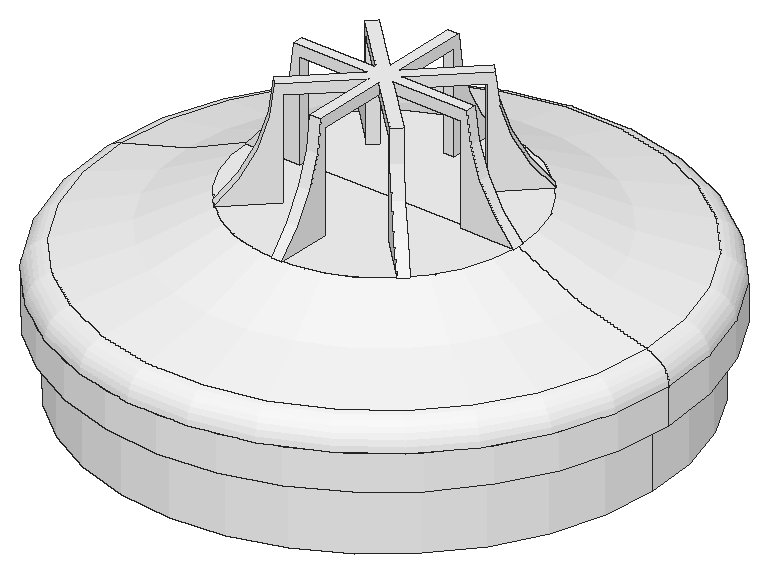
Revit family "BFD-HEA-DSD-ABS-___", category Fire Alarm Devices, host Face, Revit 2018
Family settings
  Host = Face
  Maintain Annotation Orientation = Yes
  Round Connector Dimension = Use Diameter
  Part Type = Normal
  OmniClass Number = 23.29.29.13.13
  OmniClass Title = Heat Detectors
  Cut with Voids When Loaded = No
  Shared = No
  Room Calculation Point = No
Parameters
  Default Elevation = 1219.2 mm
  DSD.Com.Material = ""
  DSD.Com.Installed Date [instance] = ""
  DSD.Com.Commission Date [instance] = ""
  DSD.Com.CAT Code = ""
  DSD.Com.Asset Code [instance] = ""
  DSD.BFD.Wireless_Optical Zone Tag ID [instance] = ""
  DSD.BFD.Wireless_Optical Tag ID [instance] = ""
  DSD.BFD.Width = 0 mm
  DSD.BFD.Weight = ""
  DSD.BFD.Usage Unit = ""
  DSD.BFD.Unit Number [instance] = ""
  DSD.BFD.System Code [instance] = ""
  DSD.BFD.Supplier Name = ""
  DSD.BFD.Supplier Contact = ""
  DSD.BFD.Site ID = ""
  DSD.BFD.Serial Number [instance] = ""
  DSD.BFD.Remark [instance] = ""
  DSD.BFD.Priority = ""
  DSD.BFD.Place of Origin = ""
  DSD.BFD.Original Price Amount Currency = ""
  DSD.BFD.Original Price Amount [instance] = ""
  DSD.BFD.Model = ""
  DSD.BFD.Manufacturer Name = ""
  DSD.BFD.Manufacturer Contact = ""
  DSD.BFD.Manufactured Date [instance] = ""
  DSD.BFD.Maintenance Usage Threshold = ""
  DSD.BFD.Length = 0 mm
  DSD.BFD.Is Parent Entity = ""
  DSD.BFD.Height = 0 mm
  DSD.BFD.File Number [instance] = ""
  DSD.BFD.Expected Life Time = ""
  DSD.BFD.Equipment Type = ""
  DSD.BFD.Equipment Number [instance] = ""
  DSD.BFD.Equipment Name English = ""
  DSD.BFD.Equipment Name Chinese = ""
  DSD.BFD.Elevation Type = ""
  DSD.BFD.Elevation [instance] = ""
  DSD.BFD.District Code = ""
  DSD.BFD.DLP End Date [instance] = ""
  DSD.BFD.Criticality = ""
  DSD.BFD.Brand Name = ""
  DSD.BFD.Address = ""
  2D Symbol_DI_Offset Y [instance] = 0 mm
  2D Symbol_DI_Offset X [instance] = 0 mm
  2D Symbol_DI_Angle [instance] = 90.00°
  2D Symbol_Anno_Offset Y [instance] = 0 mm
  2D Symbol_Anno_Offset X [instance] = 0 mm
  2D Symbol_Anno_Angle [instance] = 90.00°
  2D Symbol_DI_Scale [instance] = DI_BFD_HEA : 1to50
  2D Symbol_DI_Visible [instance] = yes
  2D Symbol_Anno_Visible [instance] = no
Reference planes
  plane 1 "Center (Front/Back)": y = 0
  plane 2: z = 0
  plane 3 "Center (Left/Right)": x = 0
Forms (mm)
  Extrusion 1, solid, material "ABS_White_255-255-255", detail levels fine
    sketch origin (0, 0, 0) x (1, 0, 0) y (0, 1, 0)
      loop
        circle (0, 0) r 50
    from 0 to 12
  Extrusion 2, solid, material "ABS_White_255-255-255", detail levels fine
    sketch origin (0, 0, 0) x (1, 0, 0) y (0, 0, 1)
      loop
        arc (-16.095, 52) -> (-18.608, 41.137) -> (-25, 32) r 29.285
        line (-25, 32) -> (-15, 32) -> (-15, 50) -> (15, 50) -> (15, 32) -> (25, 32)
        arc (25, 32) -> (18.608, 41.137) -> (16.095, 52) r 29.285
        line (16.095, 52) -> (-16.095, 52)
    from -1 to 1
  Extrusion 3, solid, material "ABS_White_255-255-255", detail levels fine
    sketch origin (0, 0, 0) x (0, -1, 0) y (0, 0, 1)
      loop
        arc (-16.095, 52) -> (-18.608, 41.137) -> (-25, 32) r 29.285
        line (-25, 32) -> (-15, 32) -> (-15, 50) -> (15, 50) -> (15, 32) -> (25, 32)
        arc (25, 32) -> (18.608, 41.137) -> (16.095, 52) r 29.285
        line (16.095, 52) -> (-16.095, 52)
    from -1 to 1
  Extrusion 4, solid, material "ABS_White_255-255-255", detail levels fine
    sketch origin (0, 0, 0) x (0.707107, -0.707107, 0) y (0, 0, 1)
      loop
        arc (-16.095, 52) -> (-18.608, 41.137) -> (-25, 32) r 29.285
        line (-25, 32) -> (-15, 32) -> (-15, 50) -> (15, 50) -> (15, 32) -> (25, 32)
        arc (25, 32) -> (18.608, 41.137) -> (16.095, 52) r 29.285
        line (16.095, 52) -> (-16.095, 52)
    from -1 to 1
  Extrusion 5, solid, material "ABS_White_255-255-255", detail levels fine
    sketch origin (0, 0, 0) x (-0.707107, -0.707107, 0) y (0, 0, 1)
      loop
        arc (-16.095, 52) -> (-18.608, 41.137) -> (-25, 32) r 29.285
        line (-25, 32) -> (-15, 32) -> (-15, 50) -> (15, 50) -> (15, 32) -> (25, 32)
        arc (25, 32) -> (18.608, 41.137) -> (16.095, 52) r 29.285
        line (16.095, 52) -> (-16.095, 52)
    from -1 to 1
  Revolve 6, solid, material "ABS_White_255-255-255", detail levels fine
    sketch origin (0, 0, 0) x (1, 0, 0) y (0, 0, 1)
      loop
        line (0, 12) -> (53, 12) -> (53, 18.419)
        arc (53, 18.419) -> (51.866, 21.59) -> (48.98, 23.322) r 5
        arc (48.98, 23.322) -> (36.664, 26.76) -> (25, 32) r 85.304
        line (25, 32) -> (0, 32) -> (0, 12)
      axis (0, 12) -> (0, 32)
    angle from 0 to 360
Cuts and joins
  joined: Extrusion 2, Extrusion 3, Extrusion 4, Extrusion 5
  joined: Extrusion 1, Revolve 6
Dimensions and locks
  locked: cut or joined group of Extrusion 2, Extrusion 3, Extrusion 4, Extrusion 5 to host face at 52
  "2D Symbol_Anno_Angle": angle plane 1 "Center (Front/Back)" to nested 2
  "2D Symbol_DI_Angle": angle level to nested 1
  "2D Symbol_DI_Angle": angle plane 1 "Center (Front/Back)" to nested 3
  aligned and locked: plane 2 to host face
  aligned and locked: level to host face
Automatic sketch dimensions
  host sketch curve to host sketch curve = 2438.4 mm  (x2)
  plane 1 "Center (Front/Back)" to Extrusion 1 sketch curve = 0 mm
  Extrusion 1 sketch curve to plane 3 "Center (Left/Right)" = 0 mm
  Extrusion 2 sketch curve to plane 3 "Center (Left/Right)" = 45.361 mm
  Extrusion 2 sketch curve to plane 3 "Center (Left/Right)" = 25 mm
  Extrusion 2 sketch curve to plane 3 "Center (Left/Right)" = 16.095 mm
  Extrusion 2 sketch curve to Extrusion 2 sketch curve = 10 mm  (x2)
  plane 3 "Center (Left/Right)" to Extrusion 2 sketch curve = 15 mm
  Extrusion 2 sketch curve to Extrusion 2 sketch curve = 1.095 mm
  Extrusion 2 sketch curve to Extrusion 2 sketch curve = 20.361 mm
  level to Extrusion 2 sketch curve = 32 mm
  Extrusion 2 sketch curve to Extrusion 2 sketch curve = 0 mm
  Extrusion 2 sketch curve to Extrusion 2 sketch curve = 18 mm
  Extrusion 2 sketch curve to Extrusion 2 sketch curve = 2 mm
  Extrusion 3 sketch curve to plane 1 "Center (Front/Back)" = 45.361 mm
  Extrusion 3 sketch curve to plane 1 "Center (Front/Back)" = 25 mm
  Extrusion 3 sketch curve to plane 1 "Center (Front/Back)" = 16.095 mm
  Extrusion 3 sketch curve to Extrusion 3 sketch curve = 10 mm  (x2)
  plane 1 "Center (Front/Back)" to Extrusion 3 sketch curve = 15 mm
  Extrusion 3 sketch curve to Extrusion 3 sketch curve = 1.095 mm
  Extrusion 3 sketch curve to Extrusion 3 sketch curve = 20.361 mm
  level to Extrusion 3 sketch curve = 32 mm
  Extrusion 3 sketch curve to Extrusion 3 sketch curve = 0 mm
  Extrusion 3 sketch curve to Extrusion 3 sketch curve = 18 mm
  Extrusion 3 sketch curve to Extrusion 3 sketch curve = 2 mm
  level to Extrusion 4 sketch curve = 53.048 mm  (x2)
  Extrusion 4 sketch curve to Extrusion 4 sketch curve = 20.361 mm  (x2)
  Extrusion 4 sketch curve to Extrusion 4 sketch curve = 8.905 mm
  Extrusion 4 sketch curve to Extrusion 4 sketch curve = 10 mm  (x2)
  Extrusion 4 sketch curve to Extrusion 4 sketch curve = 30 mm
  Extrusion 4 sketch curve to Extrusion 4 sketch curve = 1.095 mm
  Extrusion 4 sketch curve to Extrusion 4 sketch curve = 1.048 mm
  Extrusion 4 sketch curve to Extrusion 4 sketch curve = 2 mm
  level to Extrusion 5 sketch curve = 53.048 mm  (x2)
  Extrusion 5 sketch curve to Extrusion 5 sketch curve = 20.361 mm  (x2)
  Extrusion 5 sketch curve to Extrusion 5 sketch curve = 8.905 mm
  Extrusion 5 sketch curve to Extrusion 5 sketch curve = 10 mm  (x2)
  Extrusion 5 sketch curve to Extrusion 5 sketch curve = 30 mm
  Extrusion 5 sketch curve to Extrusion 5 sketch curve = 1.095 mm
  Extrusion 5 sketch curve to Extrusion 5 sketch curve = 1.048 mm
  Extrusion 5 sketch curve to Extrusion 5 sketch curve = 2 mm
  Revolve 6 sketch curve to level = 0 mm
  Revolve 6 sketch curve to plane 3 "Center (Left/Right)" = 0 mm  (x2)
  plane 3 "Center (Left/Right)" to Revolve 6 sketch curve = 25 mm
  Revolve 6 sketch curve to Revolve 6 sketch curve = 23 mm
  Revolve 6 sketch curve to Revolve 6 sketch curve = 5 mm
  plane 3 "Center (Left/Right)" to Revolve 6 sketch curve = 65.691 mm
  Revolve 6 sketch curve to Revolve 6 sketch curve = 12 mm
  Revolve 6 sketch curve to Revolve 6 sketch curve = 6.419 mm
  Revolve 6 sketch curve to Revolve 6 sketch curve = 20 mm
  Revolve 6 sketch curve to Revolve 6 sketch curve = 74.973 mm
  Revolve 6 sketch curve to Revolve 6 sketch curve = 24.846 mm
  radius of Extrusion 1 sketch curve = 50 mm
Nested families
  nested 1: "DI_BFD_HEA" at (0, 0, 0) x (-1, 0, 0) z (0, 1, 0), visible <- "2D Symbol_DI_Visible", type <- "2D Symbol_DI_Scale", H <- "2D Symbol_DI_Offset Y", W <- "2D Symbol_DI_Offset X", type "1to50", detail levels coarse+medium
    with W 0 mm, H 0 mm, DI_W 10000 mm, DI_H 10000 mm
  nested 2: "Anno_BFD_HEA" at (0, 0, 0), visible <- "2D Symbol_Anno_Visible", H <- "2D Symbol_Anno_Offset Y", W <- "2D Symbol_Anno_Offset X", type "Anno_BFD_HEA", detail levels coarse+medium
    with W 0 mm, H 0 mm, Anno_W 200 mm, Anno_H 200 mm
  nested 3: "DI_BFD_HEA" at (0, 0, 0) x (1, 0, 0) z (0, 0, -1), type <- "2D Symbol_DI_Scale", H <- "2D Symbol_DI_Offset Y", W <- "2D Symbol_DI_Offset X", visible <- "2D Symbol_DI_Visible", type "1to50", detail levels coarse+medium
    with W 0 mm, H 0 mm, DI_W 10000 mm, DI_H 10000 mm
Connectors
  electrical at (0, 0, 0)
    settings: on cut or joined group of Extrusion 1, Revolve 6, index 1, voltage 0 V, apparent load 0 VA, apparent load phase1 0 VA, apparent load phase2 0 VA, apparent load phase3 0 VA, power factor 1, load classification "Other", number of poles 1, system type 11, power factor state 1, is connector primary yes, connector utility no, sub classification motor no, connector description ""
Definition of nested family "DI_BFD_HEA"
  Parameters (values of type "1to200")
    W [instance] = 0 mm
    H [instance] = 0 mm
    DI_W [instance] = W + 10000 mm  # 10000 mm
    DI_H [instance] = H + 10000 mm  # 10000 mm
    1to50 = no
    1to200 = yes
    1to100 = no
  Types (3, lengths in mm): name | 1to50 | 1to200 | 1to100
    1to50 | yes | no | no
    1to100 | no | no | yes
    1to200 | no | yes | no
  Reference planes
    plane 1 "Center (Front/Back)": y = 0
    plane 2: z = 0
    plane 3 "Center (Left/Right)": x = 0
    plane 4: x = -10000
    plane 5: y = -10000
  Dimensions and locks
    "DI_W": plane 4 to nested 1
    "DI_H": nested 1 to plane 5
  Nested families
    nested 1: "300-2D Detail Item" at (0, 0, 0), type "1to50", in view "Ref. Level"
  Definition of nested family "300-2D Detail Item"
    Parameters (values of type "1to100")
      1to50 = no
      1to200 = no
      1to100 = yes
    Types (3, lengths in mm): name | 1to200 | 1to100
      1to50 | yes | no
      1to100 | no | yes
      1to200 | yes | no
    Reference planes
      plane 1 "Center (Front/Back)": y = 0
      plane 2: z = 0
      plane 3 "Center (Left/Right)": x = 0
    Lines and regions (mm)
      Filled region 1, type "Solid Fill - Black", in view "Ref. Level", visible <- "1to50"
        outline origin (0, 0, 0) x (1, 0, 0) y (0, 1, 0)
          loop
            line (-40, 60) -> (-40, -60) -> (-30, -60) -> (-30, -5) -> (30, -5) -> (30, -60) -> (40, -60) -> (40, 60) -> (30, 60) -> (30, 5) -> (-30, 5) -> (-30, 60) -> (-40, 60)
      Filled region 2, type "Solid Fill - Black", in view "Ref. Level", visible <- "1to100"
        outline origin (-40, 0, 0) x (1, 0, 0) y (0, 1, 0)
          loop
            line (-40, 120) -> (-40, -120) -> (-20, -120) -> (-20, -10) -> (100, -10) -> (100, -120) -> (120, -120) -> (120, 120) -> (100, 120) -> (100, 10) -> (-20, 10) -> (-20, 120) -> (-40, 120)
      Filled region 3, type "Solid Fill - Black", in view "Ref. Level", visible <- "1to200"
        outline origin (-120, 0, 0) x (1, 0, 0) y (0, 1, 0)
          loop
            line (-40, 240) -> (-40, -240) -> (0, -240) -> (0, -20) -> (240, -20) -> (240, -240) -> (280, -240) -> (280, 240) -> (240, 240) -> (240, 20) -> (0, 20) -> (0, 240) -> (-40, 240)
      detail lines, in view "Ref. Level", visible <- "1to50"
        curve 1: circle (0, 0, 0) r 140 normal (0, 0, 1)
        curve 2: line (-40, 0, 0) -> (40, 0, 0)
        curve 3: line (40, -60, 0) -> (40, 60, 0)
        curve 4: line (-40, -60, 0) -> (-40, 60, 0)
      detail lines, in view "Ref. Level", visible <- "1to100"
        curve 5: circle (0, 0, 0) r 280 normal (0, 0, 1)
        curve 6: line (-80, 0, 0) -> (80, 0, 0)
        curve 7: line (80, -120, 0) -> (80, 120, 0)
        curve 8: line (-80, -120, 0) -> (-80, 120, 0)
      detail lines, in view "Ref. Level", visible <- "1to200"
        curve 9: circle (0, 0, 0) r 560 normal (0, 0, 1)
        curve 10: line (-160, 0, 0) -> (160, 0, 0)
        curve 11: line (160, -240, 0) -> (160, 240, 0)
        curve 12: line (-160, -240, 0) -> (-160, 240, 0)
Definition of nested family "Anno_BFD_HEA"
  Parameters (values of type "Anno_BFD_HEA")
    W [instance] = 0 mm
    H [instance] = 0 mm
    Anno_W [instance] = W + 200 mm  # 200 mm
    Anno_H [instance] = H + 200 mm  # 200 mm
  Reference planes
    plane 1: y = 0
    plane 2: x = 0
  Lines and regions (mm)
    reference lines
      curve 1: line (-200, 109.966, 0) -> (-200, -130.034, 0)
      curve 2: line (-179.664, -200, 0) -> (180.336, -200, 0)
  Dimensions and locks
    "Anno_W": curve 1 to nested 1
    "Anno_H": curve 2 to nested 1
  Automatic sketch dimensions
    curve 1 to plane 2 = 200 mm
    plane 1 to curve 1 = 130.034 mm
    curve 1 to curve 2 = 20.336 mm
    plane 2 to curve 2 = 180.336 mm
    curve 1 to plane 1 = 109.966 mm
    plane 1 to curve 2 = 200 mm
  Nested families
    nested 1: "300-2D Annotation" at (0, 0, 0), type "300-2D Annotation"
  Definition of nested family "300-2D Annotation"
    Reference planes
      plane 1: y = 0
      plane 2: x = 0
    Lines and regions (mm)
      detail lines
        curve 1: circle (0, 0, 0) r 2.8 normal (0, 0, 1)
    Text (mm)
      text "H" at (-1.047, 1.528, 0)
